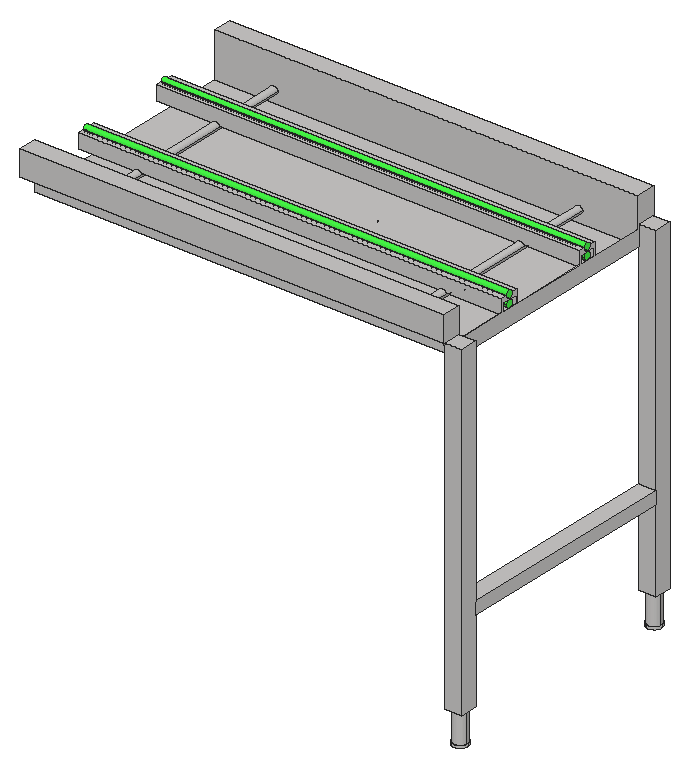
Revit family "QF_ELECTROLUXPROFESSIONAL_863148_HSBCC10", category Specialty Equipment, Revit 2018
Family settings
  Round Connector Dimension = Use Diameter
  Part Type = Normal
  Work Plane-Based = No
  Always vertical = Yes
  Cut with Voids When Loaded = No
  Shared = No
  Room Calculation Point = No
Parameters
  Weight = 0.00 kg
  Watts = 0 W
  Volts = 0 V
  URL Manufacturer = "http://professional.electrolux.com"
  URL = "http://professional.electrolux.com"
  Steam Supply Size = 0 mm
  Steam Supply Minimum Pressure = 0.0 Pa
  Steam Supply Maximum Pressure = 0.0 Pa
  Steam Pounds per Hour = 0
  Refrigeration Suction Line Size = 0 mm
  Refrigeration Liquid Line Size = 0 mm
  Refrigerant Compressor Remote = yes
  Manufacturer = "Electrolux"
  Phase = 0
  Model = "HSBCC10"
  Length Actual = 1000 mm  # constant formula
  Item Number = "863148"
  Hot Water Size = 0 mm
  Height Actual = 910 mm  # constant formula
  HP = "0 HP"
  Gas Size = 0 mm
  Gas KW = 0
  Gas Input Pressure = 0 W
  Description = "CORD CONVEYOR FOR BASKETS, L=1000 MM"
  Depth Actual = 620 mm  # constant formula
  Cycle = 0 Hz
  Condensate Return Size = 0 mm
  Compressed Air Volume = 0.0 L/s
  Compressed Air Size = 0 mm
  Compressed Air Pressure = 0.0 Pa
  Cold Water Size = 0 mm
  Accessory = yes
Reference planes
  plane 1 "Centro (Fronte/Retro)": y = 74.737
  plane 2: z = 0
  plane 3 "LEFT": x = -1438.761
  plane 4 "BACK": y = 384.737
  plane 5 "FRONT": y = -235.263
  plane 6: z = 910
  plane 7 "RIGHT": x = -438.761
  plane 8: x = -938.761
Forms (mm)
  Extrusion 1, solid, material "QF_Finishes_Stainless Steel"
    sketch origin (11.239, 0, 0) x (0, 1, 0) y (0, 0, 1)
      loop
        line (-235.263, 910) -> (-235.263, 850.033) -> (-190.242, 850.033) -> (-190.242, 910) -> (-235.263, 910)
      loop
        line (384.737, 910) -> (339.716, 910) -> (339.716, 850.033) -> (384.737, 850.033) -> (384.737, 910)
    from -1450 to -451.2
  Extrusion 2, solid, material "QF_Finishes_Stainless Steel"
    sketch origin (11.239, 0, 0) x (0, 1, 0) y (0, 0, 1)
      loop
        line (-191.727, 850.033) -> (-191.727, 800.081) -> (341.245, 800.081) -> (341.245, 850.033) -> (339.716, 850.033) -> (339.716, 803.081) -> (-190.242, 803.081) -> (-190.242, 850.033) -> (-191.727, 850.033)
    from -1450 to -451.2
  Extrusion 3, solid, material "QF_Finishes_Stainless Steel"
    sketch origin (1061.239, 723.253, 4000) x (0, 1, 0) y (0, 0, 1)
      loop
        line (-958.516, -3090) -> (-958.516, -3149.967) -> (-934.752, -3185.632) -> (-915.4, -3185.632) -> (-915.4, -3199.919) -> (-381.633, -3199.919) -> (-381.633, -3185.632) -> (-362.281, -3185.632) -> (-338.516, -3149.967) -> (-338.516, -3090) -> (-383.538, -3090) -> (-383.538, -3161.926) -> (-913.495, -3161.926) -> (-913.495, -3090) -> (-958.516, -3090)
    from -1500 to -1501.2
  Extrusion 4, solid, material "QF_Finishes_Stainless Steel"
    sketch origin (-1477.522, 74.737, 0) x (-1, 0, 0) y (0, 0, -1)
      loop
        line (-1079.929, -300) -> (-1039.929, -300) -> (-1039.929, -270) -> (-1079.929, -270) -> (-1079.929, -300)
    from -266.504 to 266.46
  Revolve 5, solid, material "QF_Finishes_Stainless Steel"
    sketch origin (0, 74.737, 0) x (1, 0, 0) y (0, 0, 1)
      loop
        line (-1015.255, 800.081) -> (-1015.255, 786.333)
        arc (-1015.255, 786.333) -> (-1014.651, 784.73) -> (-1013.151, 783.903) r 2.474
        arc (-1013.151, 783.903) -> (-1009.843, 780.044) -> (-1013.138, 776.173) r 3.913
        arc (-1013.138, 776.173) -> (-1014.648, 775.341) -> (-1015.255, 773.728) r 2.49
        line (-1015.255, 773.728) -> (-1015.255, 733.404)
        arc (-1015.255, 733.404) -> (-1004.605, 702.706) -> (-977.218, 685.219) r 49.516
        line (-977.218, 685.219) -> (-977.218, 682.73) -> (-976.011, 681.079) -> (-976.011, 679.492) -> (-962.231, 673.492) -> (-962.231, 638.761) -> (-960.707, 637.3) -> (-938.761, 637.3) -> (-938.761, 800.081) -> (-1015.255, 800.081)
      axis (-938.761, 800.081) -> (-938.761, 637.3)
    angle from 0 to 360
  Extrusion 6, solid, material "QF_Finishes_Stainless Steel"
    sketch origin (0, 74.737, 0) x (1, 0, 0) y (0, 0, 1)
      loop
        circle (-1298.761, 831.05) r 8.5
    from -265 to 264.979
  Extrusion 7, solid, material "QF_Finishes_Stainless Steel"
    sketch origin (2140, 74.737, 0) x (1, 0, 0) y (0, 0, 1)
      loop
        circle (-2718.761, 831.05) r 8.5
    from -265 to 265
  Extrusion 8, solid, material "QF_Finishes_Stainless Steel"
    sketch origin (-438.761, 0, 0) x (0, 1, 0) y (0, 0, 1)
      loop
        line (-62.763, 869.045) -> (-62.763, 835.05) -> (-60.363, 835.05) -> (-60.363, 857.845) -> (-19.763, 857.845) -> (-19.763, 835.05) -> (-17.763, 835.05) -> (-17.763, 869.045) -> (-30.056, 869.045) -> (-35.275, 860.005) -> (-45.251, 860.005) -> (-50.47, 869.045) -> (-62.763, 869.045)
      loop
        line (212.237, 869.045) -> (199.944, 869.045) -> (194.725, 860.005) -> (184.749, 860.005) -> (179.53, 869.045) -> (167.237, 869.045) -> (167.237, 835.05) -> (169.237, 835.05) -> (169.237, 857.845) -> (209.837, 857.845) -> (209.837, 835.05) -> (212.237, 835.05) -> (212.237, 869.045)
    from 0 to -1000
  Extrusion 9, solid, material "QF_Finishes_Green"
    sketch origin (-438.761, 0, 0) x (0, 1, 0) y (0, 0, 1)
      loop
        circle (-40.263, 868.505) r 7.5
      loop
        circle (-40.263, 848.505) r 7.5
      loop
        circle (189.737, 868.505) r 7.5
      loop
        circle (189.737, 848.505) r 7.5
    from 0 to -1000
Cuts and joins
  joined: Extrusion 1, Extrusion 2, Extrusion 3, Extrusion 6, Extrusion 7, Extrusion 8
Lines and regions (mm)
  Split face 1
    outline origin (-473.782, -239.063, 803.081) x (0, 1, 0) y (-1, 0, 0)
      loop
        circle (313.8, 464.979) r 3
  Split face 2
    outline origin (-473.782, -239.063, 803.081) x (0, 1, 0) y (-1, 0, 0)
      loop
        circle (313.8, 464.979) r 9
  Split face 3
    outline origin (-473.782, -239.063, 803.081) x (0, 1, 0) y (-1, 0, 0)
      loop
        circle (313.8, 464.979) r 26
  Split face 4
    outline origin (-473.782, -239.063, 803.081) x (0, 1, 0) y (-1, 0, 0)
      loop
        circle (313.8, 464.979) r 36
  Split face 5
    outline origin (-473.782, -239.063, 803.081) x (0, 1, 0) y (-1, 0, 0)
      loop
        circle (313.8, 464.979) r 53
  symbolic lines
    curve 1: line (-438.761, 384.737, 0) -> (-1438.761, 384.737, 0)
    curve 2: line (-1438.761, 384.737, 0) -> (-1438.761, -235.263, 0)
    curve 3: line (-1438.761, 339.716, 0) -> (-438.761, 339.716, 0)
    curve 4: line (-1438.761, -235.263, 0) -> (-438.761, -235.263, 0)
    curve 5: line (-438.761, -235.263, 0) -> (-438.761, 384.737, 0)
    curve 6: line (-438.761, -190.242, 0) -> (-1438.761, -190.242, 0)
    curve 7: line (-1438.761, 74.737, 0) -> (-1408.761, 74.737, 0)
    curve 8: line (-438.761, 74.737, 0) -> (-468.761, 74.737, 0)
    curve 9: circle (-938.761, 74.737, 0) r 23.47 normal (0, 0, 1)
    curve 10: line (-438.761, 212.237, 0) -> (-1438.761, 212.237, 0)
    curve 11: line (-1438.761, 167.237, 0) -> (-438.761, 167.237, 0)
    curve 12: line (-438.761, -17.763, 0) -> (-1438.761, -17.763, 0)
    curve 13: line (-1438.761, -62.763, 0) -> (-438.761, -62.763, 0)
    curve 14: line (-1438.761, -47.763, 0) -> (-438.761, -47.763, 0)
    curve 15: line (-1438.761, -32.763, 0) -> (-438.761, -32.763, 0)
    curve 16: line (-1438.761, 197.237, 0) -> (-438.761, 197.237, 0)
    curve 17: line (-1438.761, 182.237, 0) -> (-438.761, 182.237, 0)
    curve 18: line (-1307.261, 339.716, 0) -> (-1307.261, 212.237, 0)
    curve 19: line (-1290.261, 339.716, 0) -> (-1290.261, 212.237, 0)
    curve 20: line (-1290.261, 167.237, 0) -> (-1290.261, -17.763, 0)
    curve 21: line (-1307.261, 167.237, 0) -> (-1307.261, -17.763, 0)
    curve 22: line (-1307.261, -62.763, 0) -> (-1307.261, -190.242, 0)
    curve 23: line (-1290.261, -62.763, 0) -> (-1290.261, -190.242, 0)
    curve 24: line (-587.261, 339.716, 0) -> (-587.261, 212.237, 0)
    curve 25: line (-570.261, 339.716, 0) -> (-570.261, 212.237, 0)
    curve 26: line (-570.261, 167.237, 0) -> (-570.261, -17.763, 0)
    curve 27: line (-587.261, 167.237, 0) -> (-587.261, -17.763, 0)
    curve 28: line (-587.261, -62.763, 0) -> (-587.261, -190.242, 0)
    curve 29: line (-570.261, -62.763, 0) -> (-570.261, -190.242, 0)
Dimensions and locks
  plane 3 "LEFT" to plane 7 "RIGHT" = 1000 mm
  equal spacing: plane 4 "BACK", plane 1 "Centro (Fronte/Retro)", plane 5 "FRONT"
  plane 4 "BACK" to plane 5 "FRONT" = 620 mm
  equal spacing: plane 3 "LEFT", plane 8, plane 7 "RIGHT"
  locked: Extrusion 6 sketch curve to plane 3 "LEFT" at 140
  locked: plane 7 "RIGHT" to Extrusion 7 sketch curve at 140
  aligned and locked: level to plane 2
  aligned and locked: curve 9 to Revolve 5
  aligned and locked: plane 8 to Split face 5  (x2)
  aligned and locked: plane 8 to Split face 4  (x2)
  aligned and locked: plane 8 to cut or joined group of Extrusion 1, Extrusion 2, Extrusion 3, Extrusion 6, Extrusion 7, Extrusion 8  (x4)
  aligned and locked: plane 8 to Split face 3  (x2)
  aligned and locked: plane 8 to Split face 2  (x2)
  aligned and locked: plane 8 to Split face 1  (x2)
  aligned and locked: Extrusion 2 to plane 3 "LEFT"
  aligned and locked: Extrusion 1 to plane 3 "LEFT"
  aligned and locked: Extrusion 8 to plane 3 "LEFT"
  aligned and locked: cut or joined group of Extrusion 1, Extrusion 2, Extrusion 3, Extrusion 6, Extrusion 7, Extrusion 8 to plane 3 "LEFT"  (x2)
  aligned and locked: plane 3 "LEFT" to curve 6
  aligned and locked: plane 3 "LEFT" to curve 4
  aligned and locked: Extrusion 9 to plane 3 "LEFT"
Automatic sketch dimensions
  Extrusion 1 sketch curve to plane 5 "FRONT" = 0 mm
  Extrusion 1 sketch curve to plane 6 = 0 mm  (x2)
  Extrusion 1 sketch curve to plane 4 "BACK" = 0 mm
  plane 5 "FRONT" to Extrusion 1 sketch curve = 45.021 mm
  Extrusion 1 sketch curve to plane 4 "BACK" = 45.021 mm
  Extrusion 1 sketch curve to Extrusion 1 sketch curve = 59.967 mm  (x2)
  plane 5 "FRONT" to Extrusion 2 sketch curve = 43.536 mm
  Extrusion 2 sketch curve to Extrusion 2 sketch curve = 1.486 mm
  Extrusion 2 sketch curve to plane 4 "BACK" = 45.021 mm
  Extrusion 2 sketch curve to Extrusion 2 sketch curve = 1.529 mm
  Extrusion 2 sketch curve to plane 6 = 109.919 mm
  Extrusion 2 sketch curve to Extrusion 2 sketch curve = 3 mm
  Extrusion 2 sketch curve to Extrusion 2 sketch curve = 46.952 mm  (x2)
  Extrusion 3 sketch curve to plane 5 "FRONT" = 0 mm
  Extrusion 3 sketch curve to plane 6 = 0 mm  (x2)
  Extrusion 3 sketch curve to plane 4 "BACK" = 0 mm
  plane 5 "FRONT" to Extrusion 3 sketch curve = 23.764 mm
  Extrusion 3 sketch curve to Extrusion 3 sketch curve = 19.352 mm  (x2)
  plane 5 "FRONT" to Extrusion 3 sketch curve = 45.021 mm
  Extrusion 3 sketch curve to plane 4 "BACK" = 45.021 mm
  Extrusion 3 sketch curve to Extrusion 3 sketch curve = 1.905 mm
  Extrusion 3 sketch curve to Extrusion 3 sketch curve = 59.967 mm  (x2)
  Extrusion 3 sketch curve to Extrusion 3 sketch curve = 11.959 mm
  Extrusion 3 sketch curve to Extrusion 3 sketch curve = 23.706 mm  (x2)
  Extrusion 3 sketch curve to Extrusion 3 sketch curve = 14.287 mm
  Extrusion 4 sketch curve to plane 7 "RIGHT" = 41.168 mm
  Extrusion 4 sketch curve to plane 7 "RIGHT" = 1.168 mm
  Extrusion 4 sketch curve to level = 270 mm
  Extrusion 4 sketch curve to Extrusion 4 sketch curve = 30 mm
  Extrusion 6 sketch curve to plane 6 = 78.95 mm
  Extrusion 7 sketch curve to plane 6 = 78.95 mm
  plane 1 "Centro (Fronte/Retro)" to Extrusion 8 sketch curve = 137.5 mm
  Extrusion 8 sketch curve to Extrusion 8 sketch curve = 2.4 mm  (x2)
  Extrusion 8 sketch curve to plane 6 = 40.955 mm  (x3)
  Extrusion 8 sketch curve to Extrusion 8 sketch curve = 12.293 mm  (x2)
  Extrusion 8 sketch curve to Extrusion 8 sketch curve = 5.219 mm  (x4)
  Extrusion 8 sketch curve to Extrusion 8 sketch curve = 9.976 mm  (x2)
  Extrusion 8 sketch curve to Extrusion 8 sketch curve = 10.293 mm
  Extrusion 8 sketch curve to Extrusion 8 sketch curve = 2 mm  (x2)
  Extrusion 8 sketch curve to plane 1 "Centro (Fronte/Retro)" = 92.5 mm
  Extrusion 8 sketch curve to plane 6 = 49.995 mm
  Extrusion 8 sketch curve to Extrusion 8 sketch curve = 9.893 mm
  Extrusion 8 sketch curve to Extrusion 8 sketch curve = 11.2 mm
  Extrusion 8 sketch curve to Extrusion 8 sketch curve = 2.16 mm
  Extrusion 8 sketch curve to Extrusion 8 sketch curve = 22.795 mm  (x4)
  Extrusion 8 sketch curve to Extrusion 8 sketch curve = 9.04 mm  (x2)
  plane 1 "Centro (Fronte/Retro)" to Extrusion 9 sketch curve = 115 mm
  Extrusion 9 sketch curve to Extrusion 9 sketch curve = 0 mm  (x2)
  Extrusion 9 sketch curve to plane 1 "Centro (Fronte/Retro)" = 115 mm
  Extrusion 9 sketch curve to plane 6 = 61.495 mm  (x2)
  Extrusion 9 sketch curve to Extrusion 9 sketch curve = 20 mm  (x2)
  plane 1 "Centro (Fronte/Retro)" to curve 7 = 0 mm
  plane 1 "Centro (Fronte/Retro)" to curve 8 = 0 mm
  curve 15 to plane 7 "RIGHT" = 0 mm
  curve 4 to plane 5 "FRONT" = 0 mm
  curve 2 to plane 4 "BACK" = 0 mm
  plane 3 "LEFT" to curve 7 = 30 mm
  curve 18 to plane 4 "BACK" = 45.021 mm
  plane 3 "LEFT" to curve 18 = 131.5 mm
  plane 5 "FRONT" to curve 22 = 45.021 mm
  plane 3 "LEFT" to curve 22 = 131.5 mm
  curve 21 to curve 18 = 0 mm
  curve 18 to curve 19 = 17 mm
  curve 21 to curve 20 = 17 mm
  curve 22 to curve 23 = 17 mm
  curve 28 to plane 7 "RIGHT" = 148.5 mm
  curve 24 to plane 7 "RIGHT" = 148.5 mm
  curve 27 to curve 28 = 0 mm
  curve 27 to curve 26 = 17 mm
  curve 24 to curve 25 = 17 mm
  curve 28 to curve 29 = 17 mm
  curve 8 to plane 7 "RIGHT" = 30 mm
  curve 13 to curve 14 = 15 mm
  curve 14 to curve 15 = 15 mm
  curve 15 to curve 12 = 15 mm
  curve 11 to curve 17 = 15 mm
  curve 16 to curve 10 = 15 mm
  Revolve 5 sketch curve to plane 8 = 0 mm  (x2)
  Revolve 5 sketch curve to Revolve 5 sketch curve = 21.946 mm
  Revolve 5 sketch curve to Revolve 5 sketch curve = 1.524 mm
  Revolve 5 sketch curve to plane 8 = 26.978 mm
  Revolve 5 sketch curve to Revolve 5 sketch curve = 13.78 mm
  Revolve 5 sketch curve to Revolve 5 sketch curve = 1.206 mm
  Revolve 5 sketch curve to Revolve 5 sketch curve = 47.026 mm
  Revolve 5 sketch curve to Revolve 5 sketch curve = 0.016 mm  (x3)
  Revolve 5 sketch curve to Revolve 5 sketch curve = 0.976 mm
  Revolve 5 sketch curve to Revolve 5 sketch curve = 2.474 mm
  Revolve 5 sketch curve to Revolve 5 sketch curve = 2.49 mm
  Revolve 5 sketch curve to Revolve 5 sketch curve = 0 mm
  Revolve 5 sketch curve to plane 6 = 272.7 mm
  Revolve 5 sketch curve to Revolve 5 sketch curve = 1.461 mm
  Revolve 5 sketch curve to Revolve 5 sketch curve = 34.731 mm
  Revolve 5 sketch curve to Revolve 5 sketch curve = 6 mm
  Revolve 5 sketch curve to Revolve 5 sketch curve = 1.588 mm
  Revolve 5 sketch curve to Revolve 5 sketch curve = 1.651 mm
  Revolve 5 sketch curve to Revolve 5 sketch curve = 2.488 mm
  Revolve 5 sketch curve to Revolve 5 sketch curve = 48.167 mm
  Revolve 5 sketch curve to Revolve 5 sketch curve = 40.307 mm
  Revolve 5 sketch curve to Revolve 5 sketch curve = 6.326 mm
  Revolve 5 sketch curve to Revolve 5 sketch curve = 6.296 mm
  Revolve 5 sketch curve to Revolve 5 sketch curve = 13.748 mm
  Revolve 5 sketch curve to Revolve 5 sketch curve = 0.373 mm
  Revolve 5 sketch curve to Revolve 5 sketch curve = 38.557 mm
  plane 6 to Revolve 5 sketch curve = 8.743 mm
  cut or joined group of Extrusion 1, Extrusion 2, Extrusion 3, Extrusion 6, Extrusion 7, Extrusion 8 to Split face 1 sketch curve = 264.979 mm
  cut or joined group of Extrusion 1, Extrusion 2, Extrusion 3, Extrusion 6, Extrusion 7, Extrusion 8 to Split face 1 sketch curve = 498.8 mm
  cut or joined group of Extrusion 1, Extrusion 2, Extrusion 3, Extrusion 6, Extrusion 7, Extrusion 8 to Split face 2 sketch curve = 264.979 mm
  cut or joined group of Extrusion 1, Extrusion 2, Extrusion 3, Extrusion 6, Extrusion 7, Extrusion 8 to Split face 2 sketch curve = 498.8 mm
  cut or joined group of Extrusion 1, Extrusion 2, Extrusion 3, Extrusion 6, Extrusion 7, Extrusion 8 to Split face 3 sketch curve = 264.979 mm
  cut or joined group of Extrusion 1, Extrusion 2, Extrusion 3, Extrusion 6, Extrusion 7, Extrusion 8 to Split face 3 sketch curve = 498.8 mm
  cut or joined group of Extrusion 1, Extrusion 2, Extrusion 3, Extrusion 6, Extrusion 7, Extrusion 8 to Split face 4 sketch curve = 264.979 mm
  cut or joined group of Extrusion 1, Extrusion 2, Extrusion 3, Extrusion 6, Extrusion 7, Extrusion 8 to Split face 4 sketch curve = 498.8 mm
  cut or joined group of Extrusion 1, Extrusion 2, Extrusion 3, Extrusion 6, Extrusion 7, Extrusion 8 to Split face 5 sketch curve = 264.979 mm
  cut or joined group of Extrusion 1, Extrusion 2, Extrusion 3, Extrusion 6, Extrusion 7, Extrusion 8 to Split face 5 sketch curve = 498.8 mm
  curve 6 to curve 13 = 127.479 mm
  curve 20 to curve 19 = 45 mm
  curve 26 to plane 1 "Centro (Fronte/Retro)" = 92.5 mm
  radius of Extrusion 6 sketch curve = 8.5 mm
  radius of Extrusion 7 sketch curve = 8.5 mm
  radius of Extrusion 9 sketch curve = 7.5 mm  (x4)
  radius of Split face 1 sketch curve = 3 mm
  radius of Split face 2 sketch curve = 9 mm
  radius of Split face 3 sketch curve = 26 mm
  radius of Split face 4 sketch curve = 36 mm
  radius of Split face 5 sketch curve = 53 mm
Nested families
  nested 1: "Foot_40x40" at (-417.593, 361.245, 0) x (-1, 0, 0) z (0, 0, 1), type "Foot_40x40"
    with A 850.033 mm
  nested 2: "Foot_40x40" at (-417.593, -211.771, 0) x (-1, 0, 0) z (0, 0, 1), type "Foot_40x40"
    with A 850.033 mm
Connectors
  piping at (-938.761, 74.737, 637.3), diameter 40
    settings: on Revolve 5, index 1, connector inside diameter 609.6 mm, connector length 0 mm, flow factor 0, pipe flow 0.0 L/s, pressure drop 0.0 Pa, fitting loss kfactor 0, connector angle 0.00°, fixture units 0, engagement length 0 mm, angle of deflection 0.00°, flow configuration 1, flow direction 2, fitting loss method 0, system type 16, joint type 0, gender type 0, connector reference index -1, connector utility 0, adjustable connector no, is connector primary yes, connector description "Drain"
Definition of nested family "Foot_40x40"
  Parameters
    A [instance] = 850 mm
  Reference planes
    plane 1 "Centro (Fronte/Retro)": y = 0
    plane 2: z = 0
    plane 3 "Centro (Sinistra/Destra)": x = 0
    plane 4: z = 850
  Forms (mm)
    Extrusion 1, solid
      sketch origin (0, 0, 0) x (1, 0, 0) y (0, 1, 0)
        loop
          circle (0, 0) r 18
      from 0 to 5
    Extrusion 2, solid
      sketch origin (0, 0, 5) x (1, 0, 0) y (0, 1, 0)
        loop
          circle (0, 0) r 15
      from 0 to 70
    Extrusion 3, solid
      sketch origin (0, 0, 75) x (1, 0, 0) y (0, 1, 0)
        loop
          line (-20, 20) -> (-20, -20) -> (20, -20) -> (20, 20) -> (-20, 20)
      from 0 to 775
  Dimensions and locks
    "A": plane 4 to plane 2
    aligned and locked: level to plane 2
    aligned and locked: plane 4 to Extrusion 3
    aligned and locked: Extrusion 1 to level
  Automatic sketch dimensions
    plane 1 "Centro (Fronte/Retro)" to Extrusion 1 sketch curve = 0 mm
    Extrusion 1 sketch curve to plane 3 "Centro (Sinistra/Destra)" = 0 mm
    Extrusion 3 sketch curve to Extrusion 3 sketch curve = 40 mm  (x2)
    radius of Extrusion 1 sketch curve = 18 mm
    radius of Extrusion 2 sketch curve to Extrusion 1 = 3 mm
